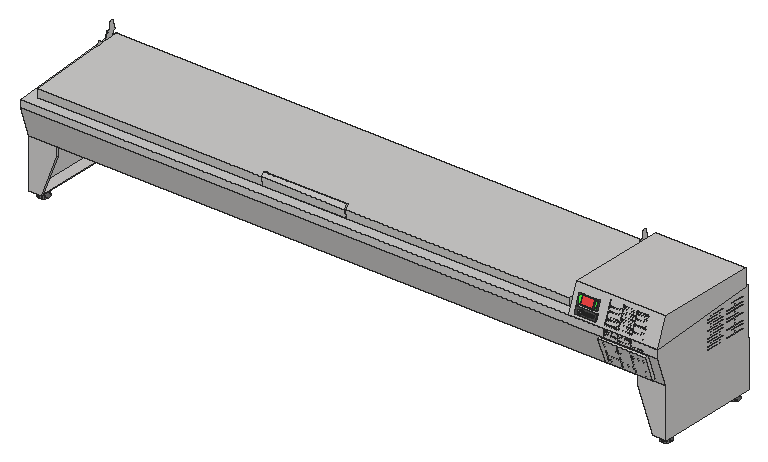
Revit family "QF_MACOM_CAB-4A", category Equipamento especial, Revit 2020
Family settings
  Cota do conector redondo = Utilizar diâmetro
  Tipo de parte = Normal
  Número OmniClass = 23.40.40.11.11.11
  Título OmniClass = Refrigerators
  Com base no plano de trabalho = Não
  Sempre na vertical = Sim
  Corte com vazios quando carregada = Não
  Compartilhado = Não
  Ponto de cálculo do ambiente = Não
Parameters (values of type "CAB-4A")
  Work Temperature = "-4 °C to +5 °C"
  Width = 2380 mm
  Weight = 98.00 kg
  Volume = 0.25 m³
  Volts = 220 V
  URL = "https://www.acosmacom.com.br/"
  Show Logo = yes
  Show Clearances = yes
  Refrigerent Type = "R134a"
  Refrigeration Climate Class = "4"
  Operational Current = 2 A
  Modelo = "CAB-4A"
  Ingress Protection Code = "IP 22"
  Height = 440 mm
  Fabricante = "MACOM"
  Elevação padrão = 0 mm
  Electric Power = 307 W
  Elec Connection Height = 207 mm
  Descrição = "CABECOTE REFRIGERADO MACOM PARA 11 GN 1/3-100 COM 11 SUPORTES INTERNOS E PES 210MM"
  Depth = 420 mm
  Cycle = 60 Hz
Reference planes
  plane 1: z = 0
  plane 2 "Center (Left/Right)": x = 0
  plane 3 "Centro (Frontal/Traseiro)": y = -978.052
  plane 4: y = -1398.052
  plane 5: x = -2380
  plane 6: z = 440
  plane 7: z = 0
Forms (mm)
  Extrusion 1, solid, material "QF_Metal_Stainless Steel-Polished", detail levels medium+fine
    sketch origin (-196.05, -633.753, 273.261) x (0, -0.385162, -0.922849) y (0, -0.922849, 0.385162)
      loop
        line (211.529, 699.088) -> (212.21, 700.425) -> (184.926, 714.326) -> (169.035, 709.163) -> (169.035, 708.274)
        arc (169.035, 708.274) -> (169.241, 707.87) -> (169.69, 707.799) r 0.5
        line (169.69, 707.799) -> (184.799, 712.708) -> (211.529, 699.088)
    from 999.901 to 1310
  Extrusion 2, solid, material "QF_Metal_Stainless Steel-Polished", detail levels medium+fine
    sketch origin (-2131.84, -1369.528, -174.385) x (0, 0.997146, 0.075501) y (0, -0.075501, 0.997146)
      loop
        line (308.717, 519.171) -> (418.717, 519.171) -> (418.717, 546.156)
        arc (418.717, 546.156) -> (418.524, 546.624) -> (418.056, 546.817) r 0.661
        line (418.056, 546.817) -> (415.226, 546.817)
        arc (415.226, 546.817) -> (410.624, 544.911) -> (408.717, 540.308) r 6.509
        line (408.717, 540.308) -> (408.717, 533.751)
        arc (408.717, 533.751) -> (403.717, 528.751) -> (398.717, 533.751) r 5
        line (398.717, 533.751) -> (398.449, 536.166)
        arc (398.449, 536.166) -> (397.284, 537.818) -> (395.266, 537.716) r 2.094
        arc (395.266, 537.716) -> (388.299, 539.052) -> (389.047, 546.106) r 5.24
        line (389.047, 546.106) -> (408.496, 565.555)
        arc (408.496, 565.555) -> (408.869, 566.165) -> (408.923, 566.879) r 1.525
        line (408.923, 566.879) -> (404.116, 596.307)
        arc (404.116, 596.307) -> (403.128, 598.057) -> (401.241, 598.751) r 2.913
        line (401.241, 598.751) -> (396.905, 598.751)
        arc (396.905, 598.751) -> (393.694, 597.584) -> (391.982, 594.628) r 5
        line (391.982, 594.628) -> (388.808, 576.817)
        arc (388.808, 576.817) -> (385.226, 571.904) -> (379.518, 574) r 5.047
        arc (379.518, 574) -> (378.287, 574.592) -> (377.2, 573.764) r 1.308
        line (377.2, 573.764) -> (361.717, 533.751)
        arc (361.717, 533.751) -> (356.717, 528.751) -> (351.717, 533.751) r 5
        line (351.717, 533.751) -> (351.717, 540.467)
        arc (351.717, 540.467) -> (350.195, 548.12) -> (345.859, 554.609) r 20
        line (345.859, 554.609) -> (341.119, 559.349)
        arc (341.119, 559.349) -> (339.068, 560.199) -> (337.017, 559.349) r 2.901
        line (337.017, 559.349) -> (310.545, 532.878)
        arc (310.545, 532.878) -> (309.192, 530.853) -> (308.717, 528.464) r 6.242
        line (308.717, 528.464) -> (308.717, 519.171)
    from -213.723 to -212.223
  Extrusion 3, solid, material "QF_Metal_Stainless Steel-Polished", detail levels medium+fine
    sketch origin (-502.5, -635.372, 273.235) x (0, -0.385162, -0.922849) y (0, -0.922849, 0.385162)
      loop
        circle (29.39, 391.462) r 4.549
      loop
        circle (52.468, 431.268) r 3.299
    from 1840.5 to 1845.959
  Extrusion 4, solid, material "QF_Metal_Stainless Steel-Polished", detail levels medium+fine
    sketch origin (1486.959, -660.105, 270.955) x (0, -0.385162, -0.922849) y (0, -0.922849, 0.385162)
      loop
        circle (17.731, 369.514) r 4.549
      loop
        circle (40.841, 409.309) r 3.299
    from 1840.5 to 1845.959
  Extrusion 5, solid, material "QF_Metal_Stainless Steel-Polished", detail levels medium+fine
    sketch origin (-143.265, -1369.018, -174.667) x (0, 0.997079, 0.076371) y (0, -0.076371, 0.997079)
      loop
        line (308.717, 519.174) -> (418.717, 519.174) -> (418.717, 546.156)
        arc (418.717, 546.156) -> (418.524, 546.624) -> (418.056, 546.817) r 0.661
        line (418.056, 546.817) -> (415.226, 546.817)
        arc (415.226, 546.817) -> (410.624, 544.911) -> (408.717, 540.308) r 6.509
        line (408.717, 540.308) -> (408.717, 533.751)
        arc (408.717, 533.751) -> (403.717, 528.751) -> (398.717, 533.751) r 5
        line (398.717, 533.751) -> (398.449, 536.166)
        arc (398.449, 536.166) -> (397.284, 537.818) -> (395.266, 537.716) r 2.094
        arc (395.266, 537.716) -> (388.299, 539.052) -> (389.047, 546.106) r 5.24
        line (389.047, 546.106) -> (408.496, 565.555)
        arc (408.496, 565.555) -> (408.869, 566.165) -> (408.923, 566.879) r 1.525
        line (408.923, 566.879) -> (404.116, 596.307)
        arc (404.116, 596.307) -> (403.128, 598.057) -> (401.241, 598.751) r 2.913
        line (401.241, 598.751) -> (396.905, 598.751)
        arc (396.905, 598.751) -> (393.694, 597.584) -> (391.982, 594.628) r 5
        line (391.982, 594.628) -> (388.808, 576.817)
        arc (388.808, 576.817) -> (385.226, 571.904) -> (379.518, 574) r 5.047
        arc (379.518, 574) -> (378.287, 574.592) -> (377.2, 573.764) r 1.308
        line (377.2, 573.764) -> (361.717, 533.751)
        arc (361.717, 533.751) -> (356.717, 528.751) -> (351.717, 533.751) r 5
        line (351.717, 533.751) -> (351.717, 540.467)
        arc (351.717, 540.467) -> (350.195, 548.12) -> (345.859, 554.609) r 20
        line (345.859, 554.609) -> (341.119, 559.349)
        arc (341.119, 559.349) -> (339.068, 560.199) -> (337.017, 559.349) r 2.901
        line (337.017, 559.349) -> (310.545, 532.878)
        arc (310.545, 532.878) -> (309.192, 530.853) -> (308.717, 528.464) r 6.242
        line (308.717, 528.464) -> (308.717, 519.174)
    from -213.723 to -212.223
  Extrusion 6, solid, material "QF_Metal_Stainless Steel-Polished"
    sketch origin (0, 0, 23.828) x (0, 1, 0) y (0, 0, 1)
      loop
        line (-978.052, 0) -> (-978.052, 352.092) -> (-1398.052, 320.172) -> (-1398.052, 291) -> (-1360.563, 184) -> (-1360.563, 0) -> (-978.052, 0)
    from 0 to -2380
  Extrusion 7, void
    sketch origin (0, -978.052, 401.759) x (0, 0, 1) y (-1, 0, 0)
      loop
        line (-377.93, 50.5) -> (-229.93, 105.5) -> (-193.93, 105.5) -> (-193.93, 2275) -> (-229.93, 2275) -> (-377.93, 2330) -> (-377.93, 50.5)
    from 0 to 382.511
  Extrusion 8, void
    sketch origin (0, 0, 0) x (0, 1, 0) y (0, 0, 1)
      loop
        line (-983.044, 25.328) -> (-983.044, 207.828) -> (-1355.563, 207.828) -> (-1355.563, 25.328) -> (-983.044, 25.328)
    from -5.5 to -2375
  Extrusion 9, solid, material "QF_Metal_Stainless Steel-Polished"
    sketch origin (0, 0, 23.828) x (0, 1, 0) y (0, 0, 1)
      loop
        line (-1398.052, 320.172) -> (-991.544, 351.067) -> (-991.544, 416.172) -> (-1361.872, 416.172) -> (-1398.052, 320.172)
    from 0 to -334.5
  Extrusion 10, solid, material "QF_Metal_Stainless Steel-Polished"
    sketch origin (0, -259.94, 1177.055) x (0, 0.385162, 0.922849) y (0, -0.922849, 0.385162)
      loop
        line (-998.044, 386.138) -> (-1162.843, 709.573) -> (-1189.573, 695.953) -> (-1024.774, 372.518) -> (-998.044, 386.138)
    from -359 to -2343
  Extrusion 11, void
    sketch origin (0, -1361.737, 347.211) x (0, -0.997124, -0.075782) y (1, 0, 0)
      loop
        line (-11.362, -2331.5) -> (-11.362, -369) -> (-354.362, -369) -> (-354.362, -2331.5) -> (-11.362, -2331.5)
    from 0 to 8.527
  Extrusion 12, solid, material "QF_Metal_Stainless Steel-Polished"
    sketch origin (0, 0, 23.828) x (0, 1, 0) y (0, 0, 1)
      loop
        line (-1363.447, 192.231) -> (-1395.979, 285.084) -> (-1404.179, 282.211) -> (-1370.495, 189.666) -> (-1363.447, 192.231)
    from -40.75 to -218.75
  Extrusion 13, void
    sketch origin (0, -1370.495, 213.495) x (0, 0.34202, -0.939693) y (-1, 0, 0)
      loop
        line (-91, 202.25) -> (-91, 157.25) -> (-87, 157.25) -> (-87, 202.25) -> (-91, 202.25)
      loop
        line (-91, 152.25) -> (-91, 107.25) -> (-87, 107.25) -> (-87, 152.25) -> (-91, 152.25)
      loop
        line (-91, 102.25) -> (-91, 57.25) -> (-87, 57.25) -> (-87, 102.25) -> (-91, 102.25)
      loop
        line (-82.766, 202.25) -> (-82.766, 157.25) -> (-78.766, 157.25) -> (-78.766, 202.25) -> (-82.766, 202.25)
      loop
        line (-82.766, 152.25) -> (-82.766, 107.25) -> (-78.766, 107.25) -> (-78.766, 152.25) -> (-82.766, 152.25)
      loop
        line (-82.766, 102.25) -> (-82.766, 57.25) -> (-78.766, 57.25) -> (-78.766, 102.25) -> (-82.766, 102.25)
      loop
        line (-74.766, 202.25) -> (-74.766, 157.25) -> (-70.766, 157.25) -> (-70.766, 202.25) -> (-74.766, 202.25)
      loop
        line (-74.766, 152.25) -> (-74.766, 107.25) -> (-70.766, 107.25) -> (-70.766, 152.25) -> (-74.766, 152.25)
      loop
        line (-74.766, 102.25) -> (-74.766, 57.25) -> (-70.766, 57.25) -> (-70.766, 102.25) -> (-74.766, 102.25)
      loop
        line (-66.766, 202.25) -> (-66.766, 157.25) -> (-62.766, 157.25) -> (-62.766, 202.25) -> (-66.766, 202.25)
      loop
        line (-66.766, 152.25) -> (-66.766, 107.25) -> (-62.766, 107.25) -> (-62.766, 152.25) -> (-66.766, 152.25)
      loop
        line (-66.766, 102.25) -> (-66.766, 57.25) -> (-62.766, 57.25) -> (-62.766, 102.25) -> (-66.766, 102.25)
      loop
        line (-58.766, 202.25) -> (-58.766, 157.25) -> (-54.766, 157.25) -> (-54.766, 202.25) -> (-58.766, 202.25)
      loop
        line (-58.766, 152.25) -> (-58.766, 107.25) -> (-54.766, 107.25) -> (-54.766, 152.25) -> (-58.766, 152.25)
      loop
        line (-58.766, 102.25) -> (-58.766, 57.25) -> (-54.766, 57.25) -> (-54.766, 102.25) -> (-58.766, 102.25)
      loop
        line (-50.766, 202.25) -> (-50.766, 157.25) -> (-46.766, 157.25) -> (-46.766, 202.25) -> (-50.766, 202.25)
      loop
        line (-50.766, 152.25) -> (-50.766, 107.25) -> (-46.766, 107.25) -> (-46.766, 152.25) -> (-50.766, 152.25)
      loop
        line (-50.766, 102.25) -> (-50.766, 57.25) -> (-46.766, 57.25) -> (-46.766, 102.25) -> (-50.766, 102.25)
      loop
        line (-42.766, 202.25) -> (-42.766, 157.25) -> (-38.766, 157.25) -> (-38.766, 202.25) -> (-42.766, 202.25)
      loop
        line (-42.766, 152.25) -> (-42.766, 107.25) -> (-38.766, 107.25) -> (-38.766, 152.25) -> (-42.766, 152.25)
      loop
        line (-42.766, 102.25) -> (-42.766, 57.25) -> (-38.766, 57.25) -> (-38.766, 102.25) -> (-42.766, 102.25)
      loop
        line (-34.766, 202.25) -> (-34.766, 157.25) -> (-30.766, 157.25) -> (-30.766, 202.25) -> (-34.766, 202.25)
      loop
        line (-34.766, 152.25) -> (-34.766, 107.25) -> (-30.766, 107.25) -> (-30.766, 152.25) -> (-34.766, 152.25)
      loop
        line (-34.766, 102.25) -> (-34.766, 57.25) -> (-30.766, 57.25) -> (-30.766, 102.25) -> (-34.766, 102.25)
      loop
        line (-26.766, 202.25) -> (-26.766, 157.25) -> (-22.766, 157.25) -> (-22.766, 202.25) -> (-26.766, 202.25)
      loop
        line (-26.766, 152.25) -> (-26.766, 107.25) -> (-22.766, 107.25) -> (-22.766, 152.25) -> (-26.766, 152.25)
      loop
        line (-26.766, 102.25) -> (-26.766, 57.25) -> (-22.766, 57.25) -> (-22.766, 102.25) -> (-26.766, 102.25)
      loop
        line (-18.766, 202.25) -> (-18.766, 157.25) -> (-14.766, 157.25) -> (-14.766, 202.25) -> (-18.766, 202.25)
      loop
        line (-18.766, 152.25) -> (-18.766, 107.25) -> (-14.766, 107.25) -> (-14.766, 152.25) -> (-18.766, 152.25)
      loop
        line (-18.766, 102.25) -> (-18.766, 57.25) -> (-14.766, 57.25) -> (-14.766, 102.25) -> (-18.766, 102.25)
      loop
        line (-10.766, 202.25) -> (-10.766, 157.25) -> (-6.766, 157.25) -> (-6.766, 202.25) -> (-10.766, 202.25)
      loop
        line (-10.766, 152.25) -> (-10.766, 107.25) -> (-6.766, 107.25) -> (-6.766, 152.25) -> (-10.766, 152.25)
      loop
        line (-10.766, 102.25) -> (-10.766, 57.25) -> (-6.766, 57.25) -> (-6.766, 102.25) -> (-10.766, 102.25)
    from 0 to 2
  Extrusion 14, void
    sketch origin (0, 0, 23.828) x (0, -1, 0) y (0, 0, 1)
      loop
        line (1171.052, 327.522) -> (1091.052, 327.522) -> (1091.052, 322.522) -> (1171.052, 322.522) -> (1171.052, 327.522)
      loop
        line (1081.052, 327.522) -> (998.052, 327.522) -> (998.052, 322.522) -> (1081.052, 322.522) -> (1081.052, 327.522)
      loop
        line (1171.052, 318.522) -> (1091.052, 318.522) -> (1091.052, 313.522) -> (1171.052, 313.522) -> (1171.052, 318.522)
      loop
        line (1081.052, 318.522) -> (998.052, 318.522) -> (998.052, 313.522) -> (1081.052, 313.522) -> (1081.052, 318.522)
      loop
        line (1171.052, 309.522) -> (1091.052, 309.522) -> (1091.052, 304.522) -> (1171.052, 304.522) -> (1171.052, 309.522)
      loop
        line (1081.052, 309.522) -> (998.052, 309.522) -> (998.052, 304.522) -> (1081.052, 304.522) -> (1081.052, 309.522)
      loop
        line (1171.052, 300.522) -> (1091.052, 300.522) -> (1091.052, 295.522) -> (1171.052, 295.522) -> (1171.052, 300.522)
      loop
        line (1081.052, 300.522) -> (998.052, 300.522) -> (998.052, 295.522) -> (1081.052, 295.522) -> (1081.052, 300.522)
      loop
        line (1171.052, 291.522) -> (1091.052, 291.522) -> (1091.052, 286.522) -> (1171.052, 286.522) -> (1171.052, 291.522)
      loop
        line (1081.052, 291.522) -> (998.052, 291.522) -> (998.052, 286.522) -> (1081.052, 286.522) -> (1081.052, 291.522)
      loop
        line (1171.052, 282.522) -> (1091.052, 282.522) -> (1091.052, 277.522) -> (1171.052, 277.522) -> (1171.052, 282.522)
      loop
        line (1081.052, 282.522) -> (998.052, 282.522) -> (998.052, 277.522) -> (1081.052, 277.522) -> (1081.052, 282.522)
      loop
        line (1171.052, 273.522) -> (1091.052, 273.522) -> (1091.052, 268.522) -> (1171.052, 268.522) -> (1171.052, 273.522)
      loop
        line (1081.052, 273.522) -> (998.052, 273.522) -> (998.052, 268.522) -> (1081.052, 268.522) -> (1081.052, 273.522)
      loop
        line (1171.052, 264.522) -> (1091.052, 264.522) -> (1091.052, 259.522) -> (1171.052, 259.522) -> (1171.052, 264.522)
      loop
        line (1081.052, 264.522) -> (998.052, 264.522) -> (998.052, 259.522) -> (1081.052, 259.522) -> (1081.052, 264.522)
      loop
        line (1171.052, 255.522) -> (1091.052, 255.522) -> (1091.052, 250.522) -> (1171.052, 250.522) -> (1171.052, 255.522)
      loop
        line (1081.052, 255.522) -> (998.052, 255.522) -> (998.052, 250.522) -> (1081.052, 250.522) -> (1081.052, 255.522)
      loop
        line (1171.052, 246.522) -> (1091.052, 246.522) -> (1091.052, 241.522) -> (1171.052, 241.522) -> (1171.052, 246.522)
      loop
        line (1081.052, 246.522) -> (998.052, 246.522) -> (998.052, 241.522) -> (1081.052, 241.522) -> (1081.052, 246.522)
      loop
        line (1171.052, 237.522) -> (1091.052, 237.522) -> (1091.052, 232.522) -> (1171.052, 232.522) -> (1171.052, 237.522)
      loop
        line (1081.052, 237.522) -> (998.052, 237.522) -> (998.052, 232.522) -> (1081.052, 232.522) -> (1081.052, 237.522)
      loop
        line (1171.052, 228.522) -> (1091.052, 228.522) -> (1091.052, 223.522) -> (1171.052, 223.522) -> (1171.052, 228.522)
      loop
        line (1081.052, 228.522) -> (998.052, 228.522) -> (998.052, 223.522) -> (1081.052, 223.522) -> (1081.052, 228.522)
      loop
        line (1171.052, 219.522) -> (1091.052, 219.522) -> (1091.052, 214.522) -> (1171.052, 214.522) -> (1171.052, 219.522)
      loop
        line (1081.052, 219.522) -> (998.052, 219.522) -> (998.052, 214.522) -> (1081.052, 214.522) -> (1081.052, 219.522)
    from 0 to 2
  Extrusion 15, void
    sketch origin (0, -978.052, 401.759) x (0, 0, 1) y (-1, 0, 0)
      loop
        line (-50.409, 25) -> (-50.409, 105) -> (-55.409, 105) -> (-55.409, 25) -> (-50.409, 25)
      loop
        line (-50.409, 115) -> (-50.409, 195) -> (-55.409, 195) -> (-55.409, 115) -> (-50.409, 115)
      loop
        line (-50.409, 205) -> (-50.409, 285) -> (-55.409, 285) -> (-55.409, 205) -> (-50.409, 205)
      loop
        line (-59.409, 25) -> (-59.409, 105) -> (-64.409, 105) -> (-64.409, 25) -> (-59.409, 25)
      loop
        line (-59.409, 115) -> (-59.409, 195) -> (-64.409, 195) -> (-64.409, 115) -> (-59.409, 115)
      loop
        line (-59.409, 205) -> (-59.409, 285) -> (-64.409, 285) -> (-64.409, 205) -> (-59.409, 205)
      loop
        line (-68.409, 25) -> (-68.409, 105) -> (-73.409, 105) -> (-73.409, 25) -> (-68.409, 25)
      loop
        line (-68.409, 115) -> (-68.409, 195) -> (-73.409, 195) -> (-73.409, 115) -> (-68.409, 115)
      loop
        line (-68.409, 205) -> (-68.409, 285) -> (-73.409, 285) -> (-73.409, 205) -> (-68.409, 205)
      loop
        line (-77.409, 25) -> (-77.409, 105) -> (-82.409, 105) -> (-82.409, 25) -> (-77.409, 25)
      loop
        line (-77.409, 115) -> (-77.409, 195) -> (-82.409, 195) -> (-82.409, 115) -> (-77.409, 115)
      loop
        line (-77.409, 205) -> (-77.409, 285) -> (-82.409, 285) -> (-82.409, 205) -> (-77.409, 205)
      loop
        line (-86.409, 25) -> (-86.409, 105) -> (-91.409, 105) -> (-91.409, 25) -> (-86.409, 25)
      loop
        line (-86.409, 115) -> (-86.409, 195) -> (-91.409, 195) -> (-91.409, 115) -> (-86.409, 115)
      loop
        line (-86.409, 205) -> (-86.409, 285) -> (-91.409, 285) -> (-91.409, 205) -> (-86.409, 205)
      loop
        line (-95.409, 25) -> (-95.409, 105) -> (-100.409, 105) -> (-100.409, 25) -> (-95.409, 25)
      loop
        line (-95.409, 115) -> (-95.409, 195) -> (-100.409, 195) -> (-100.409, 115) -> (-95.409, 115)
      loop
        line (-95.409, 205) -> (-95.409, 285) -> (-100.409, 285) -> (-100.409, 205) -> (-95.409, 205)
      loop
        line (-104.409, 25) -> (-104.409, 105) -> (-109.409, 105) -> (-109.409, 25) -> (-104.409, 25)
      loop
        line (-104.409, 115) -> (-104.409, 195) -> (-109.409, 195) -> (-109.409, 115) -> (-104.409, 115)
      loop
        line (-104.409, 205) -> (-104.409, 285) -> (-109.409, 285) -> (-109.409, 205) -> (-104.409, 205)
      loop
        line (-113.409, 25) -> (-113.409, 105) -> (-118.409, 105) -> (-118.409, 25) -> (-113.409, 25)
      loop
        line (-113.409, 115) -> (-113.409, 195) -> (-118.409, 195) -> (-118.409, 115) -> (-113.409, 115)
      loop
        line (-113.409, 205) -> (-113.409, 285) -> (-118.409, 285) -> (-118.409, 205) -> (-113.409, 205)
      loop
        line (-122.409, 25) -> (-122.409, 105) -> (-127.409, 105) -> (-127.409, 25) -> (-122.409, 25)
      loop
        line (-122.409, 115) -> (-122.409, 195) -> (-127.409, 195) -> (-127.409, 115) -> (-122.409, 115)
      loop
        line (-122.409, 205) -> (-122.409, 285) -> (-127.409, 285) -> (-127.409, 205) -> (-122.409, 205)
      loop
        line (-131.409, 25) -> (-131.409, 105) -> (-136.409, 105) -> (-136.409, 25) -> (-131.409, 25)
      loop
        line (-131.409, 115) -> (-131.409, 195) -> (-136.409, 195) -> (-136.409, 115) -> (-131.409, 115)
      loop
        line (-131.409, 205) -> (-131.409, 285) -> (-136.409, 285) -> (-136.409, 205) -> (-131.409, 205)
      loop
        line (-140.409, 25) -> (-140.409, 105) -> (-145.409, 105) -> (-145.409, 25) -> (-140.409, 25)
      loop
        line (-140.409, 115) -> (-140.409, 195) -> (-145.409, 195) -> (-145.409, 115) -> (-140.409, 115)
      loop
        line (-140.409, 205) -> (-140.409, 285) -> (-145.409, 285) -> (-145.409, 205) -> (-140.409, 205)
      loop
        line (-149.409, 25) -> (-149.409, 105) -> (-154.409, 105) -> (-154.409, 25) -> (-149.409, 25)
      loop
        line (-149.409, 115) -> (-149.409, 195) -> (-154.409, 195) -> (-154.409, 115) -> (-149.409, 115)
      loop
        line (-149.409, 205) -> (-149.409, 285) -> (-154.409, 285) -> (-154.409, 205) -> (-149.409, 205)
      loop
        line (-158.409, 25) -> (-158.409, 105) -> (-163.409, 105) -> (-163.409, 25) -> (-158.409, 25)
      loop
        line (-158.409, 115) -> (-158.409, 195) -> (-163.409, 195) -> (-163.409, 115) -> (-158.409, 115)
      loop
        line (-158.409, 205) -> (-158.409, 285) -> (-163.409, 285) -> (-163.409, 205) -> (-158.409, 205)
    from 0 to 2
  Extrusion 16, void
    sketch origin (0, -1398.052, 312.19) x (0, 0, -1) y (-1, 0, 0)
      loop
        line (-26.028, 202) -> (-26.028, 157) -> (-22.028, 157) -> (-22.028, 202) -> (-26.028, 202)
      loop
        line (-26.028, 152) -> (-26.028, 107) -> (-22.028, 107) -> (-22.028, 152) -> (-26.028, 152)
      loop
        line (-26.028, 102) -> (-26.028, 57) -> (-22.028, 57) -> (-22.028, 102) -> (-26.028, 102)
      loop
        line (-18.028, 202) -> (-18.028, 157) -> (-14.028, 157) -> (-14.028, 202) -> (-18.028, 202)
      loop
        line (-18.028, 152) -> (-18.028, 107) -> (-14.028, 107) -> (-14.028, 152) -> (-18.028, 152)
      loop
        line (-18.028, 102) -> (-18.028, 57) -> (-14.028, 57) -> (-14.028, 102) -> (-18.028, 102)
      loop
        line (-10.028, 202) -> (-10.028, 157) -> (-6.028, 157) -> (-6.028, 202) -> (-10.028, 202)
      loop
        line (-10.028, 152) -> (-10.028, 107) -> (-6.028, 107) -> (-6.028, 152) -> (-10.028, 152)
      loop
        line (-10.028, 102) -> (-10.028, 57) -> (-6.028, 57) -> (-6.028, 102) -> (-10.028, 102)
    from 0 to 2
  Extrusion 17, void
    sketch origin (0, -1398.052, 344) x (0, -0.352658, -0.935752) y (-1, 0, 0)
      loop
        line (-87.346, 202) -> (-87.346, 157) -> (-83.346, 157) -> (-83.346, 202) -> (-87.346, 202)
      loop
        line (-87.346, 152) -> (-87.346, 107) -> (-83.346, 107) -> (-83.346, 152) -> (-87.346, 152)
      loop
        line (-87.346, 102) -> (-87.346, 57) -> (-83.346, 57) -> (-83.346, 102) -> (-87.346, 102)
      loop
        line (-79.097, 202) -> (-79.097, 157) -> (-75.097, 157) -> (-75.097, 202) -> (-79.097, 202)
      loop
        line (-79.097, 152) -> (-79.097, 107) -> (-75.097, 107) -> (-75.097, 152) -> (-79.097, 152)
      loop
        line (-79.097, 102) -> (-79.097, 57) -> (-75.097, 57) -> (-75.097, 102) -> (-79.097, 102)
      loop
        line (-71.097, 202) -> (-71.097, 157) -> (-67.097, 157) -> (-67.097, 202) -> (-71.097, 202)
      loop
        line (-71.097, 152) -> (-71.097, 107) -> (-67.097, 107) -> (-67.097, 152) -> (-71.097, 152)
      loop
        line (-71.097, 102) -> (-71.097, 57) -> (-67.097, 57) -> (-67.097, 102) -> (-71.097, 102)
      loop
        line (-63.645, 202) -> (-63.645, 157) -> (-59.645, 157) -> (-59.645, 202) -> (-63.645, 202)
      loop
        line (-63.645, 152) -> (-63.645, 107) -> (-59.645, 107) -> (-59.645, 152) -> (-63.645, 152)
      loop
        line (-63.645, 102) -> (-63.645, 57) -> (-59.645, 57) -> (-59.645, 102) -> (-63.645, 102)
      loop
        line (-47.645, 202) -> (-47.645, 157) -> (-43.645, 157) -> (-43.645, 202) -> (-47.645, 202)
      loop
        line (-47.645, 152) -> (-47.645, 107) -> (-43.645, 107) -> (-43.645, 152) -> (-47.645, 152)
      loop
        line (-47.645, 102) -> (-47.645, 57) -> (-43.645, 57) -> (-43.645, 102) -> (-47.645, 102)
      loop
        line (-55.645, 202) -> (-55.645, 157) -> (-51.645, 157) -> (-51.645, 202) -> (-55.645, 202)
      loop
        line (-55.645, 152) -> (-55.645, 107) -> (-51.645, 107) -> (-51.645, 152) -> (-55.645, 152)
      loop
        line (-55.645, 102) -> (-55.645, 57) -> (-51.645, 57) -> (-51.645, 102) -> (-55.645, 102)
      loop
        line (-39.645, 202) -> (-39.645, 157) -> (-35.645, 157) -> (-35.645, 202) -> (-39.645, 202)
      loop
        line (-39.645, 152) -> (-39.645, 107) -> (-35.645, 107) -> (-35.645, 152) -> (-39.645, 152)
      loop
        line (-39.645, 102) -> (-39.645, 57) -> (-35.645, 57) -> (-35.645, 102) -> (-39.645, 102)
      loop
        line (-31.645, 202) -> (-31.645, 157) -> (-27.645, 157) -> (-27.645, 202) -> (-31.645, 202)
      loop
        line (-31.645, 152) -> (-31.645, 107) -> (-27.645, 107) -> (-27.645, 152) -> (-31.645, 152)
      loop
        line (-31.645, 102) -> (-31.645, 57) -> (-27.645, 57) -> (-27.645, 102) -> (-31.645, 102)
      loop
        line (-23.645, 202) -> (-23.645, 157) -> (-19.645, 157) -> (-19.645, 202) -> (-23.645, 202)
      loop
        line (-23.645, 152) -> (-23.645, 107) -> (-19.645, 107) -> (-19.645, 152) -> (-23.645, 152)
      loop
        line (-23.645, 102) -> (-23.645, 57) -> (-19.645, 57) -> (-19.645, 102) -> (-23.645, 102)
      loop
        line (-15.645, 202) -> (-15.645, 157) -> (-11.645, 157) -> (-11.645, 202) -> (-15.645, 202)
      loop
        line (-15.645, 152) -> (-15.645, 107) -> (-11.645, 107) -> (-11.645, 152) -> (-15.645, 152)
      loop
        line (-15.645, 102) -> (-15.645, 57) -> (-11.645, 57) -> (-11.645, 102) -> (-15.645, 102)
    from 0 to 2
  Extrusion 18, solid, material "QF_Clearances", detail levels coarse
    sketch origin (-2343, -259.94, 1177.055) x (0, -0.385162, -0.922849) y (0, -0.922849, 0.385162)
      loop
        line (1024.774, 372.518) -> (1190.254, 697.29)
        arc (1190.254, 697.29) -> (982.418, 734.548) -> (788.796, 650.32) r 364.5
        line (788.796, 650.32) -> (1024.774, 372.518)
    from 0 to -1984
  Extrusion 19, solid, material "QF_Metal_Stainless Steel-Polished"
    sketch origin (-105.5, -978.052, 207.828) x (0, 1, 0) y (1, 0, 0)
      loop
        circle (-20, 40.5) r 9.525
    from 0 to 6.35
Cuts and joins
  Extrusion 7, Extrusion 11 cuts Extrusion 1
  Extrusion 7, Extrusion 11 cuts Extrusion 2
  Extrusion 7, Extrusion 11 cuts Extrusion 4
  Extrusion 7, Extrusion 11 cuts Extrusion 5
  joined: Extrusion 1, Extrusion 2, Extrusion 4, Extrusion 5
  Extrusion 7, Extrusion 8, Extrusion 14, Extrusion 15, Extrusion 16 cuts Extrusion 6
  Extrusion 11 cuts Extrusion 3
  Extrusion 11 cuts Extrusion 10
  Extrusion 13 cuts Extrusion 12
  Extrusion 17 cuts Extrusion 9
Lines and regions (mm)
  symbolic lines
    curve 1: line (-2380, -978.052, 0) -> (0, -978.052, 0)
    curve 2: line (-2380, -1398.052, 0) -> (-2380, -978.052, 0)
    curve 3: line (0, -1398.052, 0) -> (-2380, -1398.052, 0)
    curve 4: line (0, -978.052, 0) -> (0, -1398.052, 0)
    curve 5: line (-40.75, -1404.179, 0) -> (-218.75, -1404.179, 0)
    curve 6: line (-40.75, -1398.052, 0) -> (-40.75, -1404.179, 0)
    curve 7: line (-218.75, -1398.052, 0) -> (-40.75, -1398.052, 0)
    curve 8: line (-218.75, -1404.179, 0) -> (-218.75, -1398.052, 0)
    curve 9: line (-334.5, -1361.872, 0) -> (0, -1361.872, 0)
    curve 10: line (-334.5, -1398.052, 0) -> (-334.5, -1361.872, 0)
    curve 11: line (0, -1398.052, 0) -> (-334.5, -1398.052, 0)
    curve 12: line (0, -1361.872, 0) -> (0, -1398.052, 0)
    curve 13: line (0, -1361.872, 0) -> (-334.5, -1361.872, 0)
    curve 14: line (0, -991.544, 0) -> (0, -1361.872, 0)
    curve 15: line (-334.5, -991.544, 0) -> (0, -991.544, 0)
    curve 16: line (-334.5, -1361.872, 0) -> (-334.5, -991.544, 0)
    curve 17: line (-359, -998.423, 0) -> (-2343, -998.423, 0)
    curve 18: line (-359, -1362.652, 0) -> (-359, -998.423, 0)
    curve 19: line (-2343, -1362.652, 0) -> (-359, -1362.652, 0)
    curve 20: line (-2343, -998.423, 0) -> (-2343, -1362.652, 0)
    curve 21: line (-1506.05, -1352.182, 0) -> (-1195.95, -1352.182, 0)
    curve 22: line (-1506.05, -1364.195, 0) -> (-1506.05, -1352.182, 0)
    curve 23: line (-1195.95, -1364.195, 0) -> (-1506.05, -1364.195, 0)
    curve 24: line (-1195.95, -1352.182, 0) -> (-1195.95, -1364.195, 0)
Dimensions and locks
  "Height": level to plane 6
  Extrusion 6 sketch curve to level = 344 mm
  Extrusion 19 sketch curve to plane 3 "Centro (Frontal/Traseiro)" = 20 mm
  Extrusion 19 sketch curve to plane 2 "Center (Left/Right)" = 65 mm
  "Depth": plane 3 "Centro (Frontal/Traseiro)" to plane 4
  "Width": plane 2 "Center (Left/Right)" to plane 5
  aligned and locked: level to plane 1
  aligned and locked: plane 7 to nested 4
  aligned and locked: plane 7 to nested 5
  aligned and locked: plane 7 to nested 3
  aligned and locked: plane 7 to nested 2
  aligned and locked: plane 7 to level
  aligned and locked: plane 6 to Extrusion 9 sketch curve
  aligned and locked: Extrusion 7 to cut or joined group of Extrusion 6, Extrusion 7, Extrusion 8, Extrusion 14, Extrusion 15, Extrusion 16
  aligned and locked: curve 9 to cut or joined group of Extrusion 9, Extrusion 17
  aligned and locked: curve 4 to curve 12
  aligned and locked: curve 15 to cut or joined group of Extrusion 9, Extrusion 17
  aligned and locked: curve 16 to cut or joined group of Extrusion 9, Extrusion 17
  aligned and locked: Extrusion 18 to cut or joined group of Extrusion 1, Extrusion 2, Extrusion 4, Extrusion 5, Extrusion 7, Extrusion 11
Automatic sketch dimensions
  Extrusion 7 sketch curve to Extrusion 6 = 0 mm
  Extrusion 7 sketch curve to Extrusion 6 = 148 mm  (x2)
  Extrusion 7 sketch curve to Extrusion 7 sketch curve = 36 mm
  Extrusion 7 sketch curve to Extrusion 6 = 105.5 mm
  Extrusion 7 sketch curve to Extrusion 6 = 105 mm
  Extrusion 7 sketch curve to Extrusion 6 = 50.5 mm
  Extrusion 7 sketch curve to Extrusion 6 = 50 mm
  Extrusion 8 sketch curve to plane 4 = 42.489 mm
  plane 3 "Centro (Frontal/Traseiro)" to Extrusion 8 sketch curve = 4.992 mm
  level to Extrusion 8 sketch curve = 25.328 mm
  Extrusion 8 sketch curve to Extrusion 8 sketch curve = 182.5 mm
  Extrusion 6 sketch curve to plane 4 = 0 mm
  Extrusion 6 sketch curve to plane 3 "Centro (Frontal/Traseiro)" = 0 mm
  Extrusion 6 sketch curve to plane 4 = 37.489 mm
  Extrusion 6 sketch curve to Extrusion 6 sketch curve = 29.172 mm
  Extrusion 6 sketch curve to Extrusion 6 sketch curve = 107 mm
  level to Extrusion 6 sketch curve = 23.828 mm
  plane 6 to Extrusion 6 sketch curve = 64.08 mm
  Extrusion 9 sketch curve to Extrusion 6 = 0 mm  (x2)
  Extrusion 6 to Extrusion 9 sketch curve = 0 mm
  Extrusion 9 sketch curve to Extrusion 6 = 13.492 mm
  Extrusion 6 to Extrusion 9 sketch curve = 1.309 mm
  plane 3 "Centro (Frontal/Traseiro)" to Extrusion 5 sketch curve = 122.801 mm
  plane 6 to Extrusion 5 sketch curve = 73.432 mm
  Extrusion 5 sketch curve to Extrusion 5 sketch curve = 1.828 mm
  Extrusion 5 sketch curve to Extrusion 5 sketch curve = 4.413 mm
  Extrusion 5 sketch curve to Extrusion 5 sketch curve = 16.758 mm
  Extrusion 5 sketch curve to Extrusion 5 sketch curve = 5.299 mm
  Extrusion 5 sketch curve to Extrusion 5 sketch curve = 2.051 mm  (x3)
  Extrusion 5 sketch curve to Extrusion 5 sketch curve = 4.741 mm
  Extrusion 5 sketch curve to Extrusion 5 sketch curve = 20 mm
  Extrusion 5 sketch curve to Extrusion 5 sketch curve = 5 mm  (x2)
  Extrusion 5 sketch curve to Extrusion 5 sketch curve = 31.341 mm
  Extrusion 5 sketch curve to Extrusion 5 sketch curve = 1.219 mm
  Extrusion 5 sketch curve to Extrusion 5 sketch curve = 5.342 mm
  Extrusion 5 sketch curve to Extrusion 5 sketch curve = 5.047 mm
  Extrusion 5 sketch curve to Extrusion 5 sketch curve = 10.628 mm
  Extrusion 5 sketch curve to Extrusion 5 sketch curve = 3.175 mm
  Extrusion 5 sketch curve to Extrusion 5 sketch curve = 3.462 mm
  Extrusion 5 sketch curve to Extrusion 5 sketch curve = 3.858 mm
  Extrusion 5 sketch curve to Extrusion 5 sketch curve = 4.922 mm
  Extrusion 5 sketch curve to Extrusion 5 sketch curve = 2.081 mm
  Extrusion 5 sketch curve to Extrusion 5 sketch curve = 0.268 mm
  Extrusion 5 sketch curve to Extrusion 5 sketch curve = 4.336 mm
  Extrusion 5 sketch curve to Extrusion 5 sketch curve = 2.875 mm
  Extrusion 5 sketch curve to Extrusion 5 sketch curve = 18.61 mm
  Extrusion 5 sketch curve to Extrusion 5 sketch curve = 1.079 mm  (x2)
  Extrusion 5 sketch curve to Extrusion 5 sketch curve = 0.427 mm
  Extrusion 5 sketch curve to Extrusion 5 sketch curve = 6.509 mm
  Extrusion 5 sketch curve to Extrusion 5 sketch curve = 2.83 mm
  Extrusion 5 sketch curve to Extrusion 5 sketch curve = 10 mm
  Extrusion 5 sketch curve to Extrusion 5 sketch curve = 9.291 mm
  Extrusion 5 sketch curve to Extrusion 5 sketch curve = 5.286 mm
  Extrusion 5 sketch curve to Extrusion 5 sketch curve = 14.577 mm
  Extrusion 5 sketch curve to Extrusion 5 sketch curve = 2.184 mm
  Extrusion 5 sketch curve to Extrusion 5 sketch curve = 0.231 mm
  Extrusion 5 sketch curve to Extrusion 5 sketch curve = 6.558 mm
  Extrusion 5 sketch curve to Extrusion 5 sketch curve = 12.002 mm
  Extrusion 5 sketch curve to Extrusion 5 sketch curve = 6.237 mm
  Extrusion 5 sketch curve to Extrusion 5 sketch curve = 3.934 mm
  Extrusion 5 sketch curve to Extrusion 5 sketch curve = 2.69 mm
  Extrusion 5 sketch curve to Extrusion 5 sketch curve = 18.737 mm
  Extrusion 5 sketch curve to Extrusion 5 sketch curve = 27.186 mm
  Extrusion 5 sketch curve to Extrusion 5 sketch curve = 0.472 mm
  Extrusion 5 sketch curve to Extrusion 5 sketch curve = 3.442 mm
  Extrusion 5 sketch curve to Extrusion 5 sketch curve = 0.083 mm
  Extrusion 5 sketch curve to Extrusion 5 sketch curve = 16.934 mm
  Extrusion 5 sketch curve to Extrusion 5 sketch curve = 0.877 mm
  Extrusion 5 sketch curve to Extrusion 5 sketch curve = 2.913 mm
  plane 3 "Centro (Frontal/Traseiro)" to Extrusion 2 sketch curve = 122.838 mm
  plane 6 to Extrusion 2 sketch curve = 73.387 mm
  Extrusion 2 sketch curve to Extrusion 2 sketch curve = 1.828 mm
  Extrusion 2 sketch curve to Extrusion 2 sketch curve = 4.413 mm
  Extrusion 2 sketch curve to Extrusion 2 sketch curve = 16.758 mm
  Extrusion 2 sketch curve to Extrusion 2 sketch curve = 5.299 mm
  Extrusion 2 sketch curve to Extrusion 2 sketch curve = 2.051 mm  (x3)
  Extrusion 2 sketch curve to Extrusion 2 sketch curve = 4.741 mm
  Extrusion 2 sketch curve to Extrusion 2 sketch curve = 20 mm
  Extrusion 2 sketch curve to Extrusion 2 sketch curve = 5 mm  (x2)
  Extrusion 2 sketch curve to Extrusion 2 sketch curve = 31.341 mm
  Extrusion 2 sketch curve to Extrusion 2 sketch curve = 1.219 mm
  Extrusion 2 sketch curve to Extrusion 2 sketch curve = 5.342 mm
  Extrusion 2 sketch curve to Extrusion 2 sketch curve = 5.047 mm
  Extrusion 2 sketch curve to Extrusion 2 sketch curve = 10.628 mm
  Extrusion 2 sketch curve to Extrusion 2 sketch curve = 3.175 mm
  Extrusion 2 sketch curve to Extrusion 2 sketch curve = 3.462 mm
  Extrusion 2 sketch curve to Extrusion 2 sketch curve = 3.858 mm
  Extrusion 2 sketch curve to Extrusion 2 sketch curve = 4.922 mm
  Extrusion 2 sketch curve to Extrusion 2 sketch curve = 2.081 mm
  Extrusion 2 sketch curve to Extrusion 2 sketch curve = 0.268 mm
  Extrusion 2 sketch curve to Extrusion 2 sketch curve = 4.336 mm
  Extrusion 2 sketch curve to Extrusion 2 sketch curve = 2.875 mm
  Extrusion 2 sketch curve to Extrusion 2 sketch curve = 18.61 mm
  Extrusion 2 sketch curve to Extrusion 2 sketch curve = 1.079 mm  (x2)
  Extrusion 2 sketch curve to Extrusion 2 sketch curve = 0.427 mm
  Extrusion 2 sketch curve to Extrusion 2 sketch curve = 6.509 mm
  Extrusion 2 sketch curve to Extrusion 2 sketch curve = 2.83 mm
  Extrusion 2 sketch curve to Extrusion 2 sketch curve = 10 mm
  Extrusion 2 sketch curve to Extrusion 2 sketch curve = 9.293 mm
  Extrusion 2 sketch curve to Extrusion 2 sketch curve = 5.286 mm
  Extrusion 2 sketch curve to Extrusion 2 sketch curve = 14.58 mm
  Extrusion 2 sketch curve to Extrusion 2 sketch curve = 2.184 mm
  Extrusion 2 sketch curve to Extrusion 2 sketch curve = 0.231 mm
  Extrusion 2 sketch curve to Extrusion 2 sketch curve = 6.558 mm
  Extrusion 2 sketch curve to Extrusion 2 sketch curve = 12.002 mm
  Extrusion 2 sketch curve to Extrusion 2 sketch curve = 6.237 mm
  Extrusion 2 sketch curve to Extrusion 2 sketch curve = 3.934 mm
  Extrusion 2 sketch curve to Extrusion 2 sketch curve = 2.69 mm
  Extrusion 2 sketch curve to Extrusion 2 sketch curve = 18.737 mm
  Extrusion 2 sketch curve to Extrusion 2 sketch curve = 27.186 mm
  Extrusion 2 sketch curve to Extrusion 2 sketch curve = 0.472 mm
  Extrusion 2 sketch curve to Extrusion 2 sketch curve = 3.442 mm
  Extrusion 2 sketch curve to Extrusion 2 sketch curve = 0.083 mm
  Extrusion 2 sketch curve to Extrusion 2 sketch curve = 16.934 mm
  Extrusion 2 sketch curve to Extrusion 2 sketch curve = 0.877 mm
  Extrusion 2 sketch curve to Extrusion 2 sketch curve = 2.913 mm
  Extrusion 6 to Extrusion 12 sketch curve = 0 mm  (x2)
  Extrusion 6 to Extrusion 12 sketch curve = 6.126 mm
  Extrusion 6 to Extrusion 12 sketch curve = 9.932 mm
  Extrusion 12 sketch curve to Extrusion 12 sketch curve = 92.545 mm
  Extrusion 12 sketch curve to Extrusion 6 = 2.073 mm
  Extrusion 13 sketch curve to Extrusion 12 = 7.485 mm  (x2)
  Extrusion 13 sketch curve to Extrusion 13 sketch curve = 0 mm  (x54)
  Extrusion 13 sketch curve to Extrusion 13 sketch curve = 4 mm  (x60)
  Extrusion 13 sketch curve to Extrusion 13 sketch curve = 4.234 mm  (x3)
  Extrusion 13 sketch curve to Extrusion 12 = 16.5 mm  (x5)
  Extrusion 13 sketch curve to Extrusion 13 sketch curve = 45 mm  (x2)
  Extrusion 13 sketch curve to Extrusion 13 sketch curve = 5 mm  (x6)
  Extrusion 6 to Extrusion 14 sketch curve = 20 mm  (x3)
  Extrusion 14 sketch curve to Extrusion 14 sketch curve = 0 mm  (x45)
  Extrusion 14 sketch curve to Extrusion 14 sketch curve = 83 mm
  Extrusion 14 sketch curve to Extrusion 14 sketch curve = 10 mm  (x3)
  Extrusion 14 sketch curve to Extrusion 14 sketch curve = 80 mm
  Extrusion 6 to Extrusion 14 sketch curve = 214.522 mm
  Extrusion 14 sketch curve to Extrusion 14 sketch curve = 5 mm  (x26)
  Extrusion 14 sketch curve to Extrusion 14 sketch curve = 4 mm  (x24)
  Extrusion 6 to Extrusion 15 sketch curve = 137.57 mm
  Extrusion 15 sketch curve to Extrusion 15 sketch curve = 0 mm  (x65)
  Extrusion 15 sketch curve to Extrusion 15 sketch curve = 5 mm  (x39)
  Extrusion 15 sketch curve to Extrusion 15 sketch curve = 4 mm  (x36)
  Extrusion 15 sketch curve to Extrusion 6 = 25 mm  (x3)
  Extrusion 15 sketch curve to Extrusion 15 sketch curve = 80 mm  (x4)
  Extrusion 15 sketch curve to Extrusion 15 sketch curve = 10 mm  (x8)
  Extrusion 6 to Extrusion 16 sketch curve = 5.782 mm  (x3)
  Extrusion 16 sketch curve to Extrusion 16 sketch curve = 4 mm  (x15)
  Extrusion 16 sketch curve to Extrusion 6 = 57 mm
  Extrusion 16 sketch curve to Extrusion 16 sketch curve = 0 mm  (x10)
  Extrusion 16 sketch curve to Extrusion 16 sketch curve = 45 mm  (x3)
  Extrusion 16 sketch curve to Extrusion 16 sketch curve = 5 mm  (x4)
  Extrusion 9 to Extrusion 17 sketch curve = 15.245 mm  (x2)
  Extrusion 17 sketch curve to Extrusion 17 sketch curve = 0 mm  (x45)
  Extrusion 17 sketch curve to Extrusion 17 sketch curve = 4 mm  (x51)
  Extrusion 17 sketch curve to Extrusion 17 sketch curve = 4.249 mm  (x3)
  Extrusion 17 sketch curve to Extrusion 17 sketch curve = 3.453 mm  (x3)
  Extrusion 17 sketch curve to Extrusion 9 = 57 mm
  Extrusion 17 sketch curve to Extrusion 17 sketch curve = 45 mm  (x4)
  Extrusion 17 sketch curve to Extrusion 17 sketch curve = 5 mm  (x11)
  Extrusion 1 sketch curve to plane 4 = 45.563 mm
  plane 6 to Extrusion 1 sketch curve = 49.933 mm
  Extrusion 1 sketch curve to Extrusion 1 sketch curve = 0.5 mm
  Extrusion 1 sketch curve to Extrusion 1 sketch curve = 0.155 mm
  Extrusion 1 sketch curve to Extrusion 1 sketch curve = 15.109 mm
  Extrusion 1 sketch curve to Extrusion 1 sketch curve = 0.127 mm
  Extrusion 1 sketch curve to Extrusion 1 sketch curve = 26.73 mm
  Extrusion 1 sketch curve to Extrusion 1 sketch curve = 0.681 mm
  Extrusion 1 sketch curve to Extrusion 1 sketch curve = 7.374 mm
  Extrusion 1 sketch curve to Extrusion 1 sketch curve = 1.337 mm
  Extrusion 1 sketch curve to Extrusion 1 sketch curve = 0.889 mm
  Extrusion 10 sketch curve to plane 4 = 37.673 mm
  plane 6 to Extrusion 10 sketch curve = 92.686 mm
  Extrusion 10 sketch curve to Extrusion 10 sketch curve = 26.73 mm
  Extrusion 10 sketch curve to Extrusion 10 sketch curve = 164.799 mm
  Extrusion 10 sketch curve to Extrusion 10 sketch curve = 309.816 mm
  Extrusion 10 to Extrusion 11 sketch curve = 10 mm
  Extrusion 11 sketch curve to Extrusion 10 = 10 mm  (x2)
  Extrusion 11 sketch curve to Extrusion 10 = 11.5 mm
  plane 6 to Extrusion 4 sketch curve = 43.084 mm
  plane 3 "Centro (Frontal/Traseiro)" to Extrusion 4 sketch curve = 29.888 mm
  Extrusion 4 sketch curve to Extrusion 4 sketch curve = 23.11 mm
  Extrusion 4 sketch curve to Extrusion 4 sketch curve = 39.795 mm
  plane 3 "Centro (Frontal/Traseiro)" to Extrusion 3 sketch curve = 29.9 mm
  plane 6 to Extrusion 3 sketch curve = 43.111 mm
  Extrusion 3 sketch curve to Extrusion 3 sketch curve = 23.079 mm
  Extrusion 3 sketch curve to Extrusion 3 sketch curve = 39.806 mm
  Extrusion 18 sketch curve to Extrusion 10 = 0 mm  (x4)
  Extrusion 10 to Extrusion 18 sketch curve = 0 mm
  Extrusion 18 sketch curve to Extrusion 18 sketch curve = 235.979 mm
  Extrusion 18 sketch curve to Extrusion 18 sketch curve = 165.48 mm
  plane 4 to curve 3 = 0 mm
  curve 3 to plane 5 = 0 mm
  plane 4 to curve 8 = 0 mm
  curve 9 to plane 2 "Center (Left/Right)" = 0 mm
  plane 3 "Centro (Frontal/Traseiro)" to curve 1 = 0 mm
  plane 5 to curve 20 = 37 mm
  curve 22 to plane 4 = 45.87 mm
  curve 19 to curve 22 = 836.95 mm
  curve 21 to curve 24 = 310.099 mm
  curve 19 to curve 9 = 24.5 mm
  plane 4 to curve 5 = 6.126 mm
  curve 10 to curve 5 = 115.75 mm
  curve 6 to plane 2 "Center (Left/Right)" = 40.75 mm
  curve 23 to curve 21 = 12.013 mm
  curve 19 to curve 9 = 0.78 mm
  plane 3 "Centro (Frontal/Traseiro)" to curve 18 = 20.371 mm
  radius of Extrusion 19 sketch curve = 9.525 mm
  radius of Extrusion 4 sketch curve = 4.549 mm
  radius of Extrusion 4 sketch curve = 3.299 mm
  radius of Extrusion 3 sketch curve = 4.549 mm
  radius of Extrusion 3 sketch curve = 3.299 mm
Nested families
  nested 1: "CONTROLADOR_CAB" at (-274.5, -1377.549, 398.403) x (1, 0, 0) z (0, 0.3527, 0.9358), type "CONTROLADOR_CAB", detail levels fine
  nested 2: "foot" at (-30.5, -1008.044, 0.943) x (0, -1, 0) z (0, 0, 1), type "foot"
  nested 3: "foot" at (-30.5, -1322.563, 0.943) x (0, -1, 0) z (0, 0, 1), type "foot"
  nested 4: "foot" at (-2353, -1008.044, 0.943) x (0, -1, 0) z (0, 0, 1), type "foot"
  nested 5: "foot" at (-2353, -1322.563, 0.943) x (0, -1, 0) z (0, 0, 1), type "foot"
  nested 6: "LOGOTIPO MACON" at (-274.193, -1385.935, 351.501), visible <- "Show Logo", type "LOGOTIPO MACON"
Connectors
  electrical at (-65, -998.052, 201.478), driven by "Volts"
    settings: on Extrusion 19, index 1, voltage 220 V, apparent load 0 VA, apparent load phase1 0 VA, apparent load phase2 0 VA, apparent load phase3 0 VA, power factor 1, load classification "Outro", number of poles 1, system type 30, power factor state 1, is connector primary yes, connector utility no, sub classification motor no, connector description ""
Definition of nested family "CONTROLADOR_CAB"
  Parameters (values of type "CONTROLADOR_CAB")
    Default Elevation = 0 mm
  Reference planes
    plane 1 "Center (Front/Back)": y = 0
    plane 2: z = 0
    plane 3 "Center (Left/Right)": x = 0
  Forms (mm)
    Extrusion 1, solid
      sketch origin (0, 0, 0) x (1, 0, 0) y (0, 0, 1)
        loop
          line (37.5, -12.5) -> (37.5, 12.5)
          arc (37.5, 12.5) -> (36.328, 15.328) -> (33.5, 16.5) r 4
          line (33.5, 16.5) -> (-33.5, 16.5)
          arc (-33.5, 16.5) -> (-36.328, 15.328) -> (-37.5, 12.5) r 4
          line (-37.5, 12.5) -> (-37.5, -12.5)
          arc (-37.5, -12.5) -> (-36.328, -15.328) -> (-33.5, -16.5) r 4
          line (-33.5, -16.5) -> (33.5, -16.5)
          arc (33.5, -16.5) -> (36.328, -15.328) -> (37.5, -12.5) r 4
      from 0 to 5
    Extrusion 2, solid
      sketch origin (0, 0, 0) x (1, 0, 0) y (0, 0, 1)
        loop
          line (24, -13.5) -> (24, 13.5)
          arc (24, 13.5) -> (23.121, 15.621) -> (21, 16.5) r 3
          line (21, 16.5) -> (-21, 16.5)
          arc (-21, 16.5) -> (-23.121, 15.621) -> (-24, 13.5) r 3
          line (-24, 13.5) -> (-24, -13.5)
          arc (-24, -13.5) -> (-23.121, -15.621) -> (-21, -16.5) r 3
          line (-21, -16.5) -> (21, -16.5)
          arc (21, -16.5) -> (23.121, -15.621) -> (24, -13.5) r 3
      from 5 to 5.937
    Extrusion 3, solid
      sketch origin (0, 0, 0) x (1, 0, 0) y (0, 0, 1)
        loop
          line (-23, 13) -> (-23, -13) -> (23, -13) -> (23, 13) -> (-23, 13)
      from 5.937 to 6.875
    Extrusion 4, solid
      sketch origin (0, 0, 0) x (1, 0, 0) y (0, 0, 1)
        loop
          line (24, -13) -> (31, -13)
          arc (31, -13) -> (34.646, 0) -> (31, 13) r 25
          line (31, 13) -> (24, 13) -> (24, -13)
        loop
          line (-24, -13) -> (-24, 13) -> (-31, 13)
          arc (-31, 13) -> (-34.646, 0) -> (-31, -13) r 25
          line (-31, -13) -> (-24, -13)
      from 5 to 5.937
  Cuts and joins
    joined: Extrusion 1, Extrusion 2
  Dimensions and locks
    aligned and locked: level to plane 2
Definition of nested family "foot"
  Parameters (values of type "foot")
    Default Elevation = 0 mm
  Reference planes
    plane 1 "Center (Front/Back)": y = 0
    plane 2: z = 0
    plane 3 "Center (Left/Right)": x = 0
  Forms (mm)
    Blend 1, solid
      base sketch origin (0, 0, 0) x (1, 0, 0) y (0, 1, 0)
        loop
          circle (0, 0) r 20
      top sketch origin (0, 0, 0) x (1, 0, 0) y (0, 1, 0)
        loop
          circle (0, 0) r 17
      from 0 to 14
    Extrusion 2, solid
      sketch origin (0, 0, 0) x (1, 0, 0) y (0, 1, 0)
        loop
          circle (0, 0) r 15
      from 14 to 15.992
    Extrusion 3, solid
      sketch origin (0, 0, 0) x (1, 0, 0) y (0, 1, 0)
        loop
          circle (0, 0) r 4
      from 15.992 to 22.636
    Extrusion 4, void
      sketch origin (0, 0, 0) x (1, 0, 0) y (0, 1, 0)
        loop
          circle (4.223, 18.5) r 1.7
        loop
          circle (11.831, 14.836) r 1.7
        loop
          circle (17.097, 8.233) r 1.7
        loop
          circle (18.976, 0) r 1.7
        loop
          circle (17.097, -8.233) r 1.7
        loop
          circle (11.831, -14.836) r 1.7
        loop
          circle (4.223, -18.5) r 1.7
        loop
          circle (-4.223, -18.5) r 1.7
        loop
          circle (-11.831, -14.836) r 1.7
        loop
          circle (-17.097, -8.233) r 1.7
        loop
          circle (-18.976, 0) r 1.7
        loop
          circle (-17.097, 8.233) r 1.7
        loop
          circle (-11.831, 14.836) r 1.7
        loop
          circle (-4.223, 18.5) r 1.7
      from 0 to 250
    Extrusion 5, solid
      sketch origin (0, 0, 0) x (1, 0, 0) y (0, 1, 0)
        loop
          circle (0, 0) r 18.5
      from -0.943 to 0
  Cuts and joins
    Extrusion 4 cuts Blend 1
    joined: Blend 1, Extrusion 2, Extrusion 5
  Dimensions and locks
    aligned and locked: level to plane 2
Definition of nested family "LOGOTIPO MACON"
  Parameters (values of type "LOGOTIPO MACON")
    Default Elevation = 0 mm
  Reference planes
    plane 1 "Centro (Frente/Trás)": y = 0
    plane 2: z = 0
    plane 3 "Centro (Esquerda/Direita)": x = 0
  Forms (mm)
    Extrusion 1, solid
      sketch origin (0, -4.923, -1.189) x (1, 0, 0) y (0, 0.351842, 0.93606)
        loop
          arc (-37.5, 25.9) -> (-39.268, 25.168) -> (-40, 23.4) r 2.5
          line (-40, 23.4) -> (-40, 2.5)
          arc (-40, 2.5) -> (-39.268, 0.732) -> (-37.5, 0) r 2.5
          line (-37.5, 0) -> (37.5, 0)
          arc (37.5, 0) -> (39.268, 0.732) -> (40, 2.5) r 2.5
          line (40, 2.5) -> (40, 23.4)
          arc (40, 23.4) -> (39.268, 25.168) -> (37.5, 25.9) r 2.5
          line (37.5, 25.9) -> (-37.5, 25.9)
      from 5.474 to 4.489
    Extrusion 2, solid
      sketch origin (0, -4.923, -1.189) x (1, 0, 0) y (0, 0.351842, 0.93606)
        loop
          arc (-39, 3.5) -> (-38.268, 1.732) -> (-36.5, 1) r 2.5
          line (-36.5, 1) -> (36.5, 1)
          arc (36.5, 1) -> (38.268, 1.732) -> (39, 3.5) r 2.5
          line (39, 3.5) -> (39, 22.668)
          arc (39, 22.668) -> (38.268, 24.436) -> (36.5, 25.168) r 2.5
          line (36.5, 25.168) -> (-36.5, 25.168)
          arc (-36.5, 25.168) -> (-38.268, 24.436) -> (-39, 22.668) r 2.5
          line (-39, 22.668) -> (-39, 3.5)
      from 5.474 to 6.289
    Extrusion 3, solid
      sketch origin (24.652, -4.923, -1.189) x (-1, 0, 0) y (0, -0.351842, -0.93606)
        loop
          line (11.282, -9.291) -> (11.282, -10.615)
          arc (11.282, -10.615) -> (15.871, -12.733) -> (11.146, -14.527) r 2.741
          line (11.146, -14.527) -> (11.146, -15.974)
          arc (11.146, -15.974) -> (17.58, -12.762) -> (11.282, -9.291) r 4.061
        loop
          circle (6.809, -12.319) r 3.69
        loop
          circle (6.809, -12.319) r 2.22
        loop
          line (32.238, -16.286) -> (32.238, -9.175) -> (30.639, -9.175) -> (30.639, -14.32)
          arc (30.639, -14.32) -> (30.147, -14.812) -> (29.656, -14.32) r 0.492
          line (29.656, -14.32) -> (29.656, -9.175) -> (28.069, -9.175) -> (28.069, -14.32)
          arc (28.069, -14.32) -> (27.53, -14.859) -> (26.99, -14.32) r 0.539
          line (26.99, -14.32) -> (26.99, -9.175) -> (25.446, -9.175) -> (25.446, -14.741)
          arc (25.446, -14.741) -> (25.898, -15.834) -> (26.99, -16.286) r 1.545
          line (26.99, -16.286) -> (32.238, -16.286)
        loop
          line (23.94, -9.173) -> (22.031, -9.173) -> (22.031, -11.199) -> (20.21, -11.199) -> (20.21, -9.173) -> (18.544, -9.173) -> (18.544, -14.832)
          arc (18.544, -14.832) -> (18.942, -15.792) -> (19.902, -16.189) r 1.358
          line (19.902, -16.189) -> (23.94, -16.189) -> (23.94, -9.173)
        loop
          line (20.21, -12.773) -> (20.21, -14.531) -> (22.031, -14.531) -> (22.031, -12.773) -> (20.21, -12.773)
        loop
          line (1.892, -16.286) -> (1.892, -9.175) -> (0.292, -9.175) -> (0.292, -14.32)
          arc (0.292, -14.32) -> (-0.199, -14.812) -> (-0.691, -14.32) r 0.492
          line (-0.691, -14.32) -> (-0.691, -9.175) -> (-2.278, -9.175) -> (-2.278, -14.32)
          arc (-2.278, -14.32) -> (-2.817, -14.859) -> (-3.356, -14.32) r 0.539
          line (-3.356, -14.32) -> (-3.356, -9.175) -> (-4.901, -9.175) -> (-4.901, -14.741)
          arc (-4.901, -14.741) -> (-4.449, -15.834) -> (-3.356, -16.286) r 1.545
          line (-3.356, -16.286) -> (1.892, -16.286)
        loop
          line (51.28, -9.173) -> (49.828, -17.406)
          arc (49.828, -17.406) -> (53.465, -13.803) -> (51.28, -9.173) r 4.434
        loop
          arc (48.733, -7.616) -> (47.997, -7.316) -> (47.203, -7.346) r 1.888
          line (47.203, -7.346) -> (45.757, -15.549)
          arc (45.757, -15.549) -> (46.402, -15.886) -> (47.047, -15.549) r 0.786
          line (47.047, -15.549) -> (48.733, -7.616)
        loop
          arc (44.32, -6.837) -> (43.579, -6.926) -> (42.893, -7.22) r 2.628
          line (42.893, -7.22) -> (41.1, -15.655)
          arc (41.1, -15.655) -> (41.933, -16) -> (42.765, -15.655) r 1.178
          line (42.765, -15.655) -> (44.32, -6.837)
        loop
          arc (39.538, -8.212) -> (36.053, -11.76) -> (38.114, -16.286) r 4.392
          line (38.114, -16.286) -> (39.538, -8.212)
        loop
          spline (55.059, -12.773) -> (54.705, -11.079) -> (53.667, -9.501) -> (52.017, -8.146) -> (49.866, -7.106) -> (47.361, -6.452) -> (44.673, -6.229) -> (41.985, -6.452) -> (39.48, -7.106) -> (37.329, -8.146) -> (35.678, -9.501) -> (34.641, -11.079) -> (34.287, -12.773)
          spline (34.287, -12.773) -> (34.641, -14.466) -> (35.678, -16.045) -> (37.329, -17.4) -> (39.48, -18.44) -> (41.985, -19.094) -> (44.673, -19.317) -> (47.361, -19.094) -> (49.866, -18.44) -> (52.017, -17.4) -> (53.667, -16.045) -> (54.705, -14.466) -> (55.059, -12.773)
      from 6.289 to 6.977
  Dimensions and locks
    aligned and locked: level to plane 2
